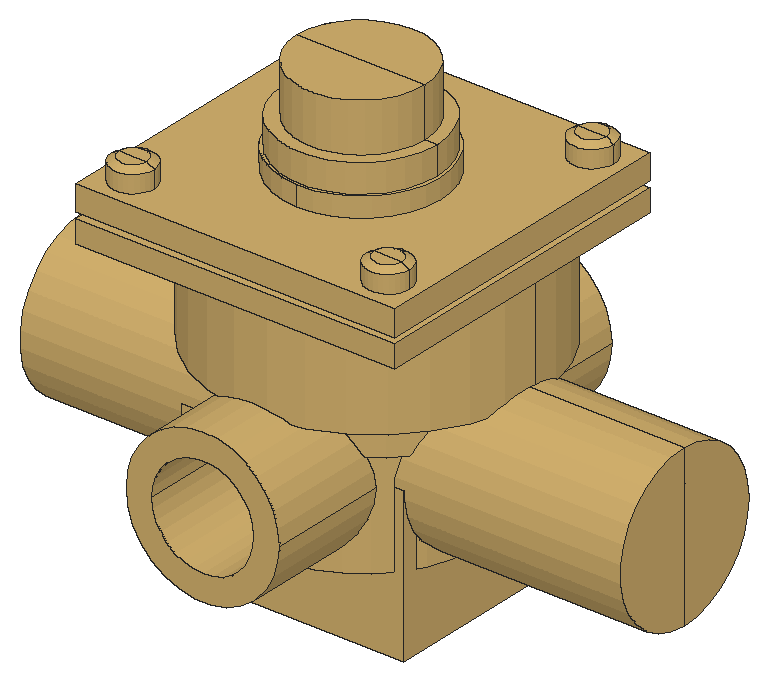
Revit family "R422", category Specialty Equipment, Revit 2014
Parameters (values of type "R422")
  URL = "http://www.americanstandard-us.com/shower-faucets-shower-heads/Two-Way-In-Wall-Diverter/"
  Type Comments = ""
  Rough Bronze = no
  Product Documentation Link = "http://www.americanstandard-us.com/assets/documents/amstd/spec/SpecSheet_6764.pdf"
  Model = "R422"
  Manufacturer = "American Standard"
  Description = "Rough Valve In-Wall Two-Way Diverter Valves"
  Default Elevation = 0' - 0"
  Cost = 0
  Chrome Finish = yes
  Assembly Code = ""
Reference planes (in)
  plane 1: y = 0
  plane 2: z = 0
  plane 3: x = 0
  plane 4: x = -2.81803
  plane 5: x = 3.05697
Forms (in)
  Revolve 1, solid, material "Cast Brass"
    sketch origin (-1.11238, 0.12756, -6.13108) x (1, 0, 0) y (0, 0, -1)
      loop
        line (-1.70565, -4.61511) -> (-1.70565, -5.39636) -> (4.17874, -5.39636) -> (4.17874, -4.61511) -> (-1.70565, -4.61511)
      axis (-1.70565, -5.39636) -> (4.17874, -5.39636)
    angle from 0 to 360
  Extrusion 2, solid, material "Cast Brass"
    sketch origin (0, 1.2016, -6.13108) x (1, 0, 0) y (0, 0, -1)
      loop
        line (-1.2369, -5.39636) -> (0.94051, -5.39636) -> (0.94051, -3.89636) -> (-1.2369, -3.89636) -> (-1.2369, -5.39636)
    from -1.85529 to -0.29279
  Extrusion 3, solid, material "Cast Brass"
    sketch origin (0, -1.4859, -6.13108) x (1, 0, 0) y (0, 0, -1)
      loop
        circle (0, -5.39636) r 0.75
      loop
        circle (0, -5.39636) r 0.5
    from -0.44904 to 3.61346
  Revolve 4, solid, material "Cast Brass"
    sketch origin (0.01563, 0.01699, -5.38108) x (1, 0, 0) y (0, 0, -1)
      loop
        line (0, -3.89636) -> (-1.06829, -3.89636) -> (-1.06829, -4.92761) -> (0, -4.92761) -> (0, -3.89636)
      axis (0, -4.92761) -> (0, -3.89636)
    angle from 0 to 360
  Revolve 5, solid, material "Cast Brass"
    sketch origin (0, 0.19915, -6.13108) x (1, 0, 0) y (0, 0, -1)
      loop
        line (0, -5.68518) -> (-1.25, -5.68518) -> (-1.25, -6.05197) -> (0, -6.05197) -> (0, -5.68518)
      axis (0, -6.05197) -> (0, -5.68518)
    angle from 0 to 360
  Revolve 6, solid, material "Cast Brass"
    sketch origin (0, 0.19915, -5.09919) x (1, 0, 0) y (0, 0, -1)
      loop
        line (0, -5.02171) -> (-1.5494, -5.02171) -> (-1.5494, -6.05197) -> (0, -6.05197) -> (0, -5.02171)
      axis (0, -6.05197) -> (0, -5.02171)
    angle from 0 to 360
  Extrusion 7, solid, material "Cast Brass"
    sketch origin (0, -1.4859, -6.13108) x (1, 0, 0) y (0, 0, -1)
      loop
        line (-1.5494, -7.08386) -> (-1.5494, -7.30261) -> (1.5756, -7.30261) -> (1.5756, -7.08386) -> (-1.5494, -7.08386)
    from -0.07404 to 3.05096
  Extrusion 8, solid, material "Cast Brass"
    sketch origin (0, -1.4859, -5.82108) x (1, 0, 0) y (0, 0, -1)
      loop
        line (-1.5494, -7.05261) -> (-1.5494, -7.30261) -> (1.5756, -7.30261) -> (1.5756, -7.05261) -> (-1.5494, -7.05261)
    from -0.07404 to 3.05096
  Revolve 9, solid, material "Cast Brass"
    sketch origin (0, -1.24414, -6.13108) x (1, 0, 0) y (0, 0, -1)
      loop
        line (-1.2369, -7.08386) -> (-1.3588, -7.08386) -> (-1.3588, -7.61261) -> (-1.44469, -7.61261) -> (-1.44469, -7.78174) -> (-1.37217, -7.82361) -> (-1.2369, -7.82361) -> (-1.2369, -7.08386)
      axis (-1.2369, -7.82361) -> (-1.2369, -7.08386)
    angle from 0 to 360
  Revolve 10, solid, material "Cast Brass"
    sketch origin (0, 1.25586, -6.13108) x (1, 0, 0) y (0, 0, -1)
      loop
        line (-1.2369, -7.08386) -> (-1.3588, -7.08386) -> (-1.3588, -7.61261) -> (-1.44469, -7.61261) -> (-1.44469, -7.78174) -> (-1.37217, -7.82361) -> (-1.2369, -7.82361) -> (-1.2369, -7.08386)
      axis (-1.2369, -7.82361) -> (-1.2369, -7.08386)
    angle from 0 to 360
  Revolve 11, solid, material "Cast Brass"
    sketch origin (2.5, 1.25586, -6.13108) x (1, 0, 0) y (0, 0, -1)
      loop
        line (-1.2369, -7.08386) -> (-1.3588, -7.08386) -> (-1.3588, -7.61261) -> (-1.44469, -7.61261) -> (-1.44469, -7.78174) -> (-1.37217, -7.82361) -> (-1.2369, -7.82361) -> (-1.2369, -7.08386)
      axis (-1.2369, -7.82361) -> (-1.2369, -7.08386)
    angle from 0 to 360
  Revolve 12, solid, material "Cast Brass"
    sketch origin (2.5, -1.24414, -6.13108) x (1, 0, 0) y (0, 0, -1)
      loop
        line (-1.2369, -7.08386) -> (-1.3588, -7.08386) -> (-1.3588, -7.61261) -> (-1.44469, -7.61261) -> (-1.44469, -7.78174) -> (-1.37217, -7.82361) -> (-1.2369, -7.82361) -> (-1.2369, -7.08386)
      axis (-1.2369, -7.82361) -> (-1.2369, -7.08386)
    angle from 0 to 360
  Revolve 13, solid, material "Cast Brass"
    sketch origin (0, 0, -6.13108) x (1, 0, 0) y (0, 0, -1)
      loop
        line (0, -7.80261) -> (-0.75, -7.80261) -> (-0.75, -8.07901) -> (0, -8.07901) -> (0, -7.80261)
      axis (0, -8.07901) -> (0, -7.80261)
    angle from 0 to 360
  Revolve 14, solid, material "Cast Brass"
    sketch origin (0, 0, -5.85608) x (1, 0, 0) y (0, 0, -1)
      loop
        line (0, -7.80261) -> (-0.625, -7.80261) -> (-0.625, -8.28341) -> (0, -8.28341) -> (0, -7.80261)
      axis (0, -8.28341) -> (0, -7.80261)
    angle from 0 to 360
  Extrusion 15, solid, material "Cast Brass"
    sketch origin (0, 7.64061, -2.82846) x (0, -1, 0) y (1, 0, 0)
      loop
        circle (7.64061, 0) r 0.78125
    from 4.26602 to 4.5
